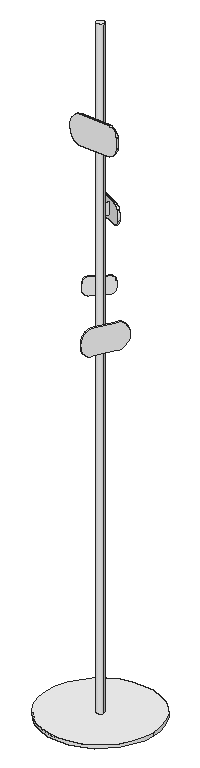
Revit family "Nagano", category Мебель, Revit 2017
Family settings
  Номер OmniClass = 23.40.20.00
  Заголовок OmniClass = General Furniture and Specialties
  На основе рабочей плоскости = Нет
  Всегда вертикально = Да
  При загрузке вырезать с полостями = Нет
  Общий = Нет
  Точка расчета площади = Нет
Parameters
  URL 2 = "http://file-system.ru/catalog/zdaniya_i_sooruzheniya/interer/mebel/_nagano_t_400_skandiform_veshalka_dlya_odezhdy/"
  URL = "http://www.skandiform.com/media/2911/nagano_fv-400_black.jpg"
  Комментарии к типоразмеру = "Created by Astacus AB"
  Группа модели = "FV-400"
  Изготовитель = "Skandiform AB"
  Keynote = ""
  Stand Material = White Lacquer
Reference planes
  plane 1 "Center (Front/Back)": y = 0
  plane 2: z = 0
  plane 3 "Center (Left/Right)": x = 0
Forms (mm)
  Extrusion 1, solid, material "White Lacquer" <- "Stand Material"
    sketch origin (0, 0, 0) x (1, 0, 0) y (0, 1, 0)
      loop
        circle (0, 0) r 173
    from 0 to 10
  Extrusion 2, solid, material "White Lacquer" <- "Stand Material"
    sketch origin (0, 0, 0) x (1, 0, 0) y (0, 1, 0)
      loop
        circle (0, 0) r 10.956
    from 10 to 2010
  Extrusion 3, solid, material "White Lacquer" <- "Stand Material"
    sketch origin (0, 0, 0) x (1, 0, 0) y (0, 0, 1)
      loop
        arc (41.99, 1649.88) -> (63.827, 1658.342) -> (74.26, 1679.31) r 32.407
        arc (74.26, 1679.31) -> (74.982, 1695) -> (74.26, 1710.69) r 170.799
        arc (74.26, 1710.69) -> (63.827, 1731.658) -> (41.99, 1740.12) r 32.407
        line (41.99, 1740.12) -> (-39.671, 1740.12)
        arc (-39.671, 1740.12) -> (-60, 1733.611) -> (-72.767, 1716.506) r 35
        arc (-72.767, 1716.506) -> (-76.272, 1692.305) -> (-70.665, 1668.502) r 65.575
        arc (-70.665, 1668.502) -> (-59.086, 1654.944) -> (-41.99, 1649.88) r 31.389
        line (-41.99, 1649.88) -> (41.99, 1649.88)
    from 22 to 27
  Extrusion 4, solid, material "White Lacquer" <- "Stand Material"
    sketch origin (0, 24.277, 1200) x (-0.906308, 0.422618, 0) y (0, 0, 1)
      loop
        line (19.42, 297.21) -> (-44.84, 297.21)
        arc (-44.84, 297.21) -> (-55.694, 294.009) -> (-63.073, 285.429) r 20
        arc (-63.073, 285.429) -> (-67.205, 271.206) -> (-67.222, 256.394) r 52.779
        arc (-67.222, 256.394) -> (-58.835, 240.946) -> (-42.37, 234.79) r 25.097
        line (-42.37, 234.79) -> (19.557, 234.79)
        arc (19.557, 234.79) -> (36.163, 240.999) -> (44.623, 256.58) r 25.312
        arc (44.623, 256.58) -> (45.163, 267.071) -> (43.855, 277.495) r 59.663
        arc (43.855, 277.495) -> (35.119, 291.667) -> (19.42, 297.21) r 25
    from 0 to 4.976
  Extrusion 5, solid, material "White Lacquer" <- "Stand Material"
    sketch origin (50.59, 44.603, 1200) x (0.422618, 0.906308, 0) y (0, 0, 1)
      loop
        arc (-26.662, -136.71) -> (-8.37, -131.465) -> (4.362, -117.324) r 34.517
        arc (4.362, -117.324) -> (9.167, -97.961) -> (5.638, -78.326) r 47.73
        arc (5.638, -78.326) -> (-8.012, -61.583) -> (-28.676, -55.29) r 37.076
        line (-28.676, -55.29) -> (-91.96, -55.29)
        arc (-91.96, -55.29) -> (-110.742, -60.757) -> (-123.658, -75.448) r 35
        arc (-123.658, -75.448) -> (-128.671, -92.572) -> (-128.288, -110.41) r 58.494
        arc (-128.288, -110.41) -> (-117.403, -129.264) -> (-96.945, -136.71) r 31.827
        line (-96.945, -136.71) -> (-26.662, -136.71)
    from -5.002 to 0
  Extrusion 6, solid, material "White Lacquer" <- "Stand Material"
    sketch origin (9.61, 48.82, 1200) x (0.694658, 0.71934, 0) y (0, 0, 1)
      loop
        line (-67.461, 7.35) -> (-16.125, 7.35)
        arc (-16.125, 7.35) -> (-4.203, 11.807) -> (1.87, 22.993) r 18.172
        arc (1.87, 22.993) -> (2.653, 34.191) -> (1.87, 45.389) r 80.463
        arc (1.87, 45.389) -> (-4.221, 56.446) -> (-16.125, 60.65) r 17.734
        line (-16.125, 60.65) -> (-66.576, 60.65)
        arc (-66.576, 60.65) -> (-78.057, 56.7) -> (-84.677, 46.523) r 18.66
        arc (-84.677, 46.523) -> (-86.407, 35.011) -> (-85.902, 23.38) r 60.571
        arc (-85.902, 23.38) -> (-79.678, 11.918) -> (-67.461, 7.35) r 18.622
    from 0 to 5.011
  Extrusion 7, solid, material "White Lacquer" <- "Stand Material"
    sketch origin (10.095, 19.569, 1200) x (-0.906308, 0.422618, 0) y (0, 0, 1)
      loop
        line (-9.904, -78.469) -> (-21.13, -78.469) -> (-21.13, -113.5) -> (-9.904, -113.5) -> (-9.904, -78.469)
    from -23.886 to -18.618
  Extrusion 8, solid, material "White Lacquer" <- "Stand Material"
    sketch origin (-12.404, 8.702, 1200) x (0.743145, -0.669131, 0) y (0, 0, 1)
      loop
        line (4.303, 51.477) -> (-6.861, 51.477) -> (-6.861, 16.5) -> (4.303, 16.5) -> (4.303, 51.477)
    from -4.596 to -0.219
  Extrusion 9, solid, material "White Lacquer" <- "Stand Material"
    sketch origin (-1.021, 0.307, 0) x (0.432464, 0.901651, 0) y (0, 0, 1)
      loop
        line (22.156, 1483.5) -> (9.2, 1483.5) -> (9.2, 1448.5) -> (22.156, 1448.5) -> (22.156, 1483.5)
    from -1.18 to 2.923
  Extrusion 10, solid, material "White Lacquer" <- "Stand Material"
    sketch origin (0, 0, 0) x (0, 1, 0) y (0, 0, 1)
      loop
        line (-10.82, 1712.5) -> (-22, 1712.5) -> (-22, 1677.5) -> (-10.82, 1677.5) -> (-10.82, 1712.5)
    from -2 to 2
Lines and regions (mm)
  Masking region 1
    outline origin (0, 0, 0) x (1, 0, 0) y (0, 1, 0)
      loop
        circle (0, 0) r 173
  symbolic lines, detail levels fine
    curve 1: line (11.453, 50.729, 0) -> (-6.043, 32.611, 0)
    curve 2: line (-46.928, -16.94, 0) -> (-4.913, 26.568, 0)
    curve 3: line (11.453, 50.729, 0) -> (14.997, 47.185, 0)
    curve 4: line (74.982, -22, 0) -> (-76.334, -22, 0)
    curve 5: line (-76.334, -22, 0) -> (-76.334, -27, 0)
    curve 6: line (-76.334, -27, 0) -> (74.982, -27, 0)
    curve 7: line (74.982, -27, 0) -> (74.982, -22, 0)
    curve 8: line (49.942, 55.048, 0) -> (31.349, 15.175, 0)
    curve 9: line (-8.536, -70.358, 0) -> (-4.003, -72.472, 0)
    curve 10: line (-4.003, -72.472, 0) -> (17.201, -27, 0)
    curve 11: line (54.475, 52.934, 0) -> (49.942, 55.048, 0)
    curve 12: line (63.503, 0.182, 0) -> (61.39, -4.35, 0)
    curve 13: line (61.39, -4.35, 0) -> (-40.968, 43.381, 0)
    curve 14: line (-40.968, 43.381, 0) -> (-38.855, 47.912, 0)
    curve 15: line (-38.855, 47.912, 0) -> (63.503, 0.182, 0)
    curve 16: line (19.533, -22, 0) -> (33.769, 8.53, 0)
    curve 17: line (11.682, -27, 0) -> (-8.536, -70.358, 0)
    curve 18: line (29.236, 10.644, 0) -> (14.014, -22, 0)
    curve 19: line (35.882, 13.062, 0) -> (54.475, 52.934, 0)
    curve 20: line (-9.716, 28.807, 0) -> (-50.472, -13.397, 0)
    curve 21: line (-1.239, 30.372, 0) -> (14.997, 47.185, 0)
    curve 23: line (-50.472, -13.397, 0) -> (-46.928, -16.94, 0)
  symbolic lines
    curve 22: circle (0, 0, 0) r 10.956 normal (0, 0, 1)
Dimensions and locks
  aligned and locked: level to plane 2
